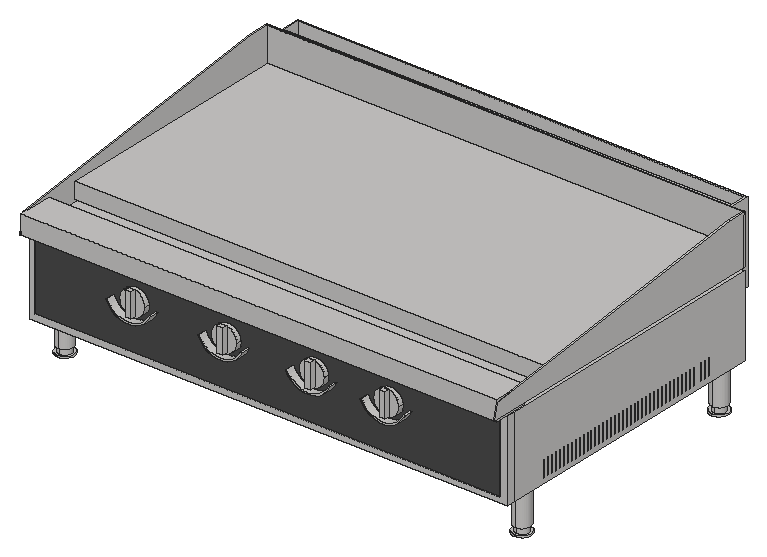
Revit family "QF_Vollrath_948GGM", category Specialty Equipment, Revit 2016
Family settings
  Part Type = Normal
  Round Connector Dimension = Use Diameter
  OmniClass Number = 23.40.40.14.17.21
  OmniClass Title = Grills
  Work Plane-Based = No
  Always vertical = Yes
  Cut with Voids When Loaded = No
  Shared = No
  Room Calculation Point = No
Parameters (values of type "948GGM")
  Width = 48.00"
  Weight in Pounds = 600
  Watermarked By = "http://revitwatermark.com"
  URL Cutsheet = ""
  URL = ""
  Status [instance] = ""
  Specification by User [instance] = ""
  Specification by Manufacturer [instance] = ""
  Serial Number [instance] = ""
  Seismic Rating [instance] = ""
  Revision Code [instance] = ""
  NAFEM Spec ID Number [instance] = ""
  Model = "948GGM"
  Mechanical Remarks [instance] = ""
  Mechanical Connection Type [instance] = ""
  Masterspec [instance] = ""
  Manufacturer = "Vollrath"
  Length = 31.00"
  Item Number [instance] = "-"
  Installed By [instance] = ""
  Height AFF [instance] = 36.00"
  Gas Size = 3/4"
  Gas RI Height [instance] = 0.00"
  Gas Input = 120000.0 Btu/h
  Gas Connection Height [instance] = Height AFF + 5.375"  # 41.375"
  Furnished By [instance] = ""
  Foodservice Equipment Identifier [instance] = yes
  Description = "Heavy-Duty Flat Top Gas Griddle"
  CSI MasterFormat = "11 44 00"
  Assembly Code = "E1090320"
Reference planes (in)
  plane 1: z = 0
  plane 2 "BOTTOM": z = 36
  plane 3 "LEFT CLEARANCE": x = -30.72076
  plane 4 "RIGHT CLEARANCE": x = 29.27924
  plane 5 "BACK CLEARANCE": y = 6
  plane 6 "Top of Legs": z = 40
  plane 7 "LEFT": x = -24.72076
  plane 8 "RIGHT": x = 23.27924
  plane 9 "BACK": y = 0
  plane 10: z = 39.75
  plane 11: z = 39.5
  plane 12: z = 41.5
  plane 13: y = -0.125
  plane 14: x = -24.59576
  plane 15 "Grease Trap": z = 48.38
  plane 16 "TOP": z = 53.38
  plane 17: y = -54.1
  plane 18: z = 37.04079
  plane 19: y = 1.5
  plane 20: z = 45.25
  plane 21: z = 45.4229
  plane 22: z = 50.005
  plane 23 "FRONT": y = -33
  plane 24: y = -29.62
  plane 25: y = -26.37
  plane 26: x = 23.15424
  plane 27: x = 22.53171
  plane 28: x = -0.72076
  plane 29: x = 21.9365
  plane 30: x = -0.72076
  plane 31: x = -12.72076
  plane 32: x = -6.22076
Forms (in)
  Extrusion 1, solid, material "QF_Finishes_Stainless Steel"
    sketch origin (0, -2, 36) x (0, 1, 0) y (-1, 0, 0)
      loop
        circle (-2, 23.59576) r 0.9375
    from 0 to 0.125
  Extrusion 2, solid, material "QF_Finishes_Stainless Steel"
    sketch origin (0, -2, 36) x (0, 1, 0) y (-1, 0, 0)
      loop
        circle (-2, 23.59576) r 0.625
    from 0.125 to 0.75
  Extrusion 3, solid, material "QF_Finishes_Stainless Steel"
    sketch origin (0, -2, 36) x (0, 1, 0) y (-1, 0, 0)
      loop
        circle (-2, 23.59576) r 0.8125
    from 0.75 to 4
  Extrusion 4, solid, material "QF_Finishes_Stainless Steel"
    sketch origin (33.375, -2, 36) x (0, 1, 0) y (-1, 0, 0)
      loop
        circle (-2, 11.09576) r 0.9375
    from 0 to 0.125
  Extrusion 5, solid, material "QF_Finishes_Stainless Steel"
    sketch origin (33.375, -2, 36) x (0, 1, 0) y (-1, 0, 0)
      loop
        circle (-2, 11.09576) r 0.625
    from 0.125 to 0.75
  Extrusion 6, solid, material "QF_Finishes_Stainless Steel"
    sketch origin (33.375, -2, 36) x (0, 1, 0) y (-1, 0, 0)
      loop
        circle (-2, 11.09576) r 0.8125
    from 0.75 to 4
  Extrusion 7, solid, material "QF_Finishes_Stainless Steel"
    sketch origin (33.375, -27.75, 36) x (0, 1, 0) y (-1, 0, 0)
      loop
        circle (-1, 11.09576) r 0.9375
    from 0 to 0.125
  Extrusion 8, solid, material "QF_Finishes_Stainless Steel"
    sketch origin (33.375, -27.75, 36) x (0, 1, 0) y (-1, 0, 0)
      loop
        circle (-1, 11.09576) r 0.625
    from 0.125 to 0.75
  Extrusion 9, solid, material "QF_Finishes_Stainless Steel"
    sketch origin (33.375, -27.75, 36) x (0, 1, 0) y (-1, 0, 0)
      loop
        circle (-1, 11.09576) r 0.8125
    from 0.75 to 4
  Extrusion 10, solid, material "QF_Finishes_Stainless Steel"
    sketch origin (0, -27.75, 36) x (0, 1, 0) y (-1, 0, 0)
      loop
        circle (-1, 23.59576) r 0.9375
    from 0 to 0.125
  Extrusion 11, solid, material "QF_Finishes_Stainless Steel"
    sketch origin (0, -27.75, 36) x (0, 1, 0) y (-1, 0, 0)
      loop
        circle (-1, 23.59576) r 0.625
    from 0.125 to 0.75
  Extrusion 12, solid, material "QF_Finishes_Stainless Steel"
    sketch origin (0, -27.75, 36) x (0, 1, 0) y (-1, 0, 0)
      loop
        circle (-1, 23.59576) r 0.8125
    from 0.75 to 4
  Extrusion 13, solid, material "QF_Finishes_Stainless Steel"
    sketch origin (0, -2, 36) x (0, 1, 0) y (-1, 0, 0)
      loop
        line (0, 24.72076) -> (-29.04599, 24.72076) -> (-29.04599, -23.27924) -> (0, -23.27924) -> (0, 24.72076)
    from 4 to 12.06
  Extrusion 14, solid, material "QF_Finishes_Black"
    sketch origin (0, -2, 0) x (1, 0, 0) y (0, 0, 1)
      loop
        line (-21.72076, 40) -> (-21.72076, 39.75) -> (-13.63034, 39.75) -> (-13.63034, 40) -> (-21.72076, 40)
    from 20.18353 to 29.04599
  Extrusion 15, solid, material "QF_Finishes_Clearances", detail levels coarse
    sketch origin (0, 0, 36) x (0, 1, 0) y (-1, 0, 0)
      loop
        line (6, 30.72076) -> (-33, 30.72076) -> (-33, 24.72076) -> (6, 24.72076) -> (6, 30.72076)
    from 0 to 17.38
  Extrusion 16, solid, material "QF_Finishes_Clearances", detail levels coarse
    sketch origin (0, 0, 36) x (0, 1, 0) y (-1, 0, 0)
      loop
        line (6, -23.27924) -> (-33, -23.27924) -> (-33, -29.27924) -> (6, -29.27924) -> (6, -23.27924)
    from 0 to 17.38
  Extrusion 17, solid, material "QF_Finishes_Clearances", detail levels coarse
    sketch origin (0, 0, 36) x (0, 1, 0) y (-1, 0, 0)
      loop
        line (6, 24.72076) -> (0, 24.72076) -> (0, -23.27924) -> (6, -23.27924) -> (6, 24.72076)
    from 0 to 17.38
  Extrusion 18, solid, material "QF_Finishes_Stainless Steel"
    sketch origin (3.31103, -2, 0) x (1, 0, 0) y (0, 0, 1)
      loop
        circle (2.46821, 41.5) r 0.375
    from -1.5 to 0
  Extrusion 19, solid, material "QF_Finishes_Stainless Steel"
    sketch origin (-36.59576, -2, 0) x (0, 1, 0) y (0, 0, 1)
      loop
        line (-30.61071, 49.92402) -> (-31.00644, 48.06) -> (0, 48.06) -> (0, 53.38) -> (-2.02013, 53.38) -> (-30.61071, 49.92402)
    from 11.875 to 12
  Extrusion 20, solid, material "QF_Finishes_Stainless Steel"
    sketch origin (-24.72076, -2, 0) x (0, 1, 0) y (0, 0, 1)
      loop
        line (-27.62, 48.06) -> (-27.62, 50.005) -> (-31, 50.005) -> (-31, 48.06) -> (-27.62, 48.06)
    from 0.125 to 47.875
  Extrusion 21, solid, material "QF_Finishes_Stainless Steel"
    sketch origin (0, -2, 10) x (1, 0, 0) y (0, 0, 1)
      loop
        line (-24.72076, 38.06) -> (-24.72076, 30) -> (23.27924, 30) -> (23.27924, 38.06) -> (-24.72076, 38.06)
      loop
        line (-24.21829, 37.52818) -> (-24.21829, 30.59949) -> (22.53171, 30.59949) -> (22.53171, 37.52818) -> (-24.21829, 37.52818)
    from 29.04599 to 29.79599
  Extrusion 22, solid, material "QF_Finishes_Stainless Steel"
    sketch origin (-12.72076, -2, 0) x (0, 1, 0) y (0, 0, 1)
      loop
        line (-31.04007, 49.84867) -> (-31.41648, 48.38) -> (0, 48.38) -> (0, 53.38) -> (-1.85356, 53.38) -> (-31.04007, 49.84867)
    from 35.875 to 36
  Extrusion 23, solid, material "QF_Finishes_Stainless Steel"
    sketch origin (-24.72076, -2, 0) x (0, 1, 0) y (0, 0, 1)
      loop
        line (-0.125, 53.38) -> (-0.125, 48.38) -> (0, 48.38) -> (0, 53.38) -> (-0.125, 53.38)
    from 0 to 48
  Extrusion 24, solid, material "QF_Finishes_Black"
    sketch origin (0, -2, 10) x (1, 0, 0) y (0, 0, 1)
      loop
        line (-24.21829, 37.52818) -> (-24.21829, 30.59949) -> (22.53171, 30.59949) -> (22.53171, 37.52818) -> (-24.21829, 37.52818)
      loop
        circle (-4.79502, 35.36228) r 1.25
      loop
        circle (11.45498, 35.36228) r 1.25
      loop
        circle (3.96164, 35.36228) r 1.25
      loop
        circle (-14.04502, 35.36228) r 1.25
    from 29.04599 to 29.79599
  Extrusion 25, void
    sketch origin (-24.72076, -2, 0) x (0, 1, 0) y (0, 0, 1)
      loop
        line (-25.39258, 42.24738) -> (-25.39258, 40.49738) -> (-25.14258, 40.49738) -> (-25.14258, 42.24738) -> (-25.39258, 42.24738)
      loop
        line (-24.89258, 42.24738) -> (-24.89258, 40.49738) -> (-24.64258, 40.49738) -> (-24.64258, 42.24738) -> (-24.89258, 42.24738)
      loop
        line (-24.39258, 42.24738) -> (-24.39258, 40.49738) -> (-24.14258, 40.49738) -> (-24.14258, 42.24738) -> (-24.39258, 42.24738)
      loop
        line (-23.89258, 42.24738) -> (-23.89258, 40.49738) -> (-23.64258, 40.49738) -> (-23.64258, 42.24738) -> (-23.89258, 42.24738)
      loop
        line (-23.39258, 42.24738) -> (-23.39258, 40.49738) -> (-23.14258, 40.49738) -> (-23.14258, 42.24738) -> (-23.39258, 42.24738)
      loop
        line (-22.89258, 42.24738) -> (-22.89258, 40.49738) -> (-22.64258, 40.49738) -> (-22.64258, 42.24738) -> (-22.89258, 42.24738)
      loop
        line (-22.43353, 42.24738) -> (-22.43353, 40.49738) -> (-22.18353, 40.49738) -> (-22.18353, 42.24738) -> (-22.43353, 42.24738)
      loop
        line (-21.93353, 42.24738) -> (-21.93353, 40.49738) -> (-21.68353, 40.49738) -> (-21.68353, 42.24738) -> (-21.93353, 42.24738)
      loop
        line (-21.43353, 42.24738) -> (-21.43353, 40.49738) -> (-21.18353, 40.49738) -> (-21.18353, 42.24738) -> (-21.43353, 42.24738)
      loop
        line (-20.93353, 42.24738) -> (-20.93353, 40.49738) -> (-20.68353, 40.49738) -> (-20.68353, 42.24738) -> (-20.93353, 42.24738)
      loop
        line (-20.43353, 42.24738) -> (-20.43353, 40.49738) -> (-20.18353, 40.49738) -> (-20.18353, 42.24738) -> (-20.43353, 42.24738)
      loop
        line (-19.93353, 42.24738) -> (-19.93353, 40.49738) -> (-19.68353, 40.49738) -> (-19.68353, 42.24738) -> (-19.93353, 42.24738)
      loop
        line (-19.47447, 42.24738) -> (-19.47447, 40.49738) -> (-19.22447, 40.49738) -> (-19.22447, 42.24738) -> (-19.47447, 42.24738)
      loop
        line (-18.97447, 42.24738) -> (-18.97447, 40.49738) -> (-18.72447, 40.49738) -> (-18.72447, 42.24738) -> (-18.97447, 42.24738)
      loop
        line (-18.47447, 42.24738) -> (-18.47447, 40.49738) -> (-18.22447, 40.49738) -> (-18.22447, 42.24738) -> (-18.47447, 42.24738)
      loop
        line (-17.97447, 42.24738) -> (-17.97447, 40.49738) -> (-17.72447, 40.49738) -> (-17.72447, 42.24738) -> (-17.97447, 42.24738)
      loop
        line (-17.47447, 42.24738) -> (-17.47447, 40.49738) -> (-17.22447, 40.49738) -> (-17.22447, 42.24738) -> (-17.47447, 42.24738)
      loop
        line (-16.97447, 42.24738) -> (-16.97447, 40.49738) -> (-16.72447, 40.49738) -> (-16.72447, 42.24738) -> (-16.97447, 42.24738)
      loop
        line (-16.51542, 42.24738) -> (-16.51542, 40.49738) -> (-16.26542, 40.49738) -> (-16.26542, 42.24738) -> (-16.51542, 42.24738)
      loop
        line (-16.01542, 42.24738) -> (-16.01542, 40.49738) -> (-15.76542, 40.49738) -> (-15.76542, 42.24738) -> (-16.01542, 42.24738)
      loop
        line (-15.51542, 42.24738) -> (-15.51542, 40.49738) -> (-15.26542, 40.49738) -> (-15.26542, 42.24738) -> (-15.51542, 42.24738)
      loop
        line (-15.01542, 42.24738) -> (-15.01542, 40.49738) -> (-14.76542, 40.49738) -> (-14.76542, 42.24738) -> (-15.01542, 42.24738)
      loop
        line (-14.51542, 42.24738) -> (-14.51542, 40.49738) -> (-14.26542, 40.49738) -> (-14.26542, 42.24738) -> (-14.51542, 42.24738)
      loop
        line (-14.01542, 42.24738) -> (-14.01542, 40.49738) -> (-13.76542, 40.49738) -> (-13.76542, 42.24738) -> (-14.01542, 42.24738)
      loop
        line (-13.55636, 42.24738) -> (-13.55636, 40.49738) -> (-13.30636, 40.49738) -> (-13.30636, 42.24738) -> (-13.55636, 42.24738)
      loop
        line (-13.05636, 42.24738) -> (-13.05636, 40.49738) -> (-12.80636, 40.49738) -> (-12.80636, 42.24738) -> (-13.05636, 42.24738)
      loop
        line (-12.55636, 42.24738) -> (-12.55636, 40.49738) -> (-12.30636, 40.49738) -> (-12.30636, 42.24738) -> (-12.55636, 42.24738)
      loop
        line (-12.05636, 42.24738) -> (-12.05636, 40.49738) -> (-11.80636, 40.49738) -> (-11.80636, 42.24738) -> (-12.05636, 42.24738)
      loop
        line (-11.55636, 42.24738) -> (-11.55636, 40.49738) -> (-11.30636, 40.49738) -> (-11.30636, 42.24738) -> (-11.55636, 42.24738)
      loop
        line (-11.05636, 42.24738) -> (-11.05636, 40.49738) -> (-10.80636, 40.49738) -> (-10.80636, 42.24738) -> (-11.05636, 42.24738)
      loop
        line (-10.59731, 42.24738) -> (-10.59731, 40.49738) -> (-10.34731, 40.49738) -> (-10.34731, 42.24738) -> (-10.59731, 42.24738)
      loop
        line (-10.09731, 42.24738) -> (-10.09731, 40.49738) -> (-9.84731, 40.49738) -> (-9.84731, 42.24738) -> (-10.09731, 42.24738)
      loop
        line (-9.59731, 42.24738) -> (-9.59731, 40.49738) -> (-9.34731, 40.49738) -> (-9.34731, 42.24738) -> (-9.59731, 42.24738)
      loop
        line (-9.09731, 42.24738) -> (-9.09731, 40.49738) -> (-8.84731, 40.49738) -> (-8.84731, 42.24738) -> (-9.09731, 42.24738)
      loop
        line (-8.63825, 42.24738) -> (-8.63825, 40.49738) -> (-8.38825, 40.49738) -> (-8.38825, 42.24738) -> (-8.63825, 42.24738)
      loop
        line (-8.13825, 42.24738) -> (-8.13825, 40.49738) -> (-7.88825, 40.49738) -> (-7.88825, 42.24738) -> (-8.13825, 42.24738)
      loop
        line (-7.63825, 42.24738) -> (-7.63825, 40.49738) -> (-7.38825, 40.49738) -> (-7.38825, 42.24738) -> (-7.63825, 42.24738)
      loop
        line (-7.13825, 42.24738) -> (-7.13825, 40.49738) -> (-6.88825, 40.49738) -> (-6.88825, 42.24738) -> (-7.13825, 42.24738)
      loop
        line (-6.63825, 42.24738) -> (-6.63825, 40.49738) -> (-6.38825, 40.49738) -> (-6.38825, 42.24738) -> (-6.63825, 42.24738)
      loop
        line (-6.13825, 42.24738) -> (-6.13825, 40.49738) -> (-5.88825, 40.49738) -> (-5.88825, 42.24738) -> (-6.13825, 42.24738)
      loop
        line (-5.63825, 42.24738) -> (-5.63825, 40.49738) -> (-5.38825, 40.49738) -> (-5.38825, 42.24738) -> (-5.63825, 42.24738)
      loop
        line (-5.13825, 42.24738) -> (-5.13825, 40.49738) -> (-4.88825, 40.49738) -> (-4.88825, 42.24738) -> (-5.13825, 42.24738)
      loop
        line (-4.63825, 42.24738) -> (-4.63825, 40.49738) -> (-4.38825, 40.49738) -> (-4.38825, 42.24738) -> (-4.63825, 42.24738)
    from 47.25247 to 48
  Extrusion 26, void
    sketch origin (-48.47076, -2, 0) x (0, 1, 0) y (0, 0, 1)
      loop
        line (-25.39258, 42.24738) -> (-25.39258, 40.49738) -> (-25.14258, 40.49738) -> (-25.14258, 42.24738) -> (-25.39258, 42.24738)
      loop
        line (-24.89258, 42.24738) -> (-24.89258, 40.49738) -> (-24.64258, 40.49738) -> (-24.64258, 42.24738) -> (-24.89258, 42.24738)
      loop
        line (-24.39258, 42.24738) -> (-24.39258, 40.49738) -> (-24.14258, 40.49738) -> (-24.14258, 42.24738) -> (-24.39258, 42.24738)
      loop
        line (-23.89258, 42.24738) -> (-23.89258, 40.49738) -> (-23.64258, 40.49738) -> (-23.64258, 42.24738) -> (-23.89258, 42.24738)
      loop
        line (-23.39258, 42.24738) -> (-23.39258, 40.49738) -> (-23.14258, 40.49738) -> (-23.14258, 42.24738) -> (-23.39258, 42.24738)
      loop
        line (-22.89258, 42.24738) -> (-22.89258, 40.49738) -> (-22.64258, 40.49738) -> (-22.64258, 42.24738) -> (-22.89258, 42.24738)
      loop
        line (-22.43353, 42.24738) -> (-22.43353, 40.49738) -> (-22.18353, 40.49738) -> (-22.18353, 42.24738) -> (-22.43353, 42.24738)
      loop
        line (-21.93353, 42.24738) -> (-21.93353, 40.49738) -> (-21.68353, 40.49738) -> (-21.68353, 42.24738) -> (-21.93353, 42.24738)
      loop
        line (-21.43353, 42.24738) -> (-21.43353, 40.49738) -> (-21.18353, 40.49738) -> (-21.18353, 42.24738) -> (-21.43353, 42.24738)
      loop
        line (-20.93353, 42.24738) -> (-20.93353, 40.49738) -> (-20.68353, 40.49738) -> (-20.68353, 42.24738) -> (-20.93353, 42.24738)
      loop
        line (-20.43353, 42.24738) -> (-20.43353, 40.49738) -> (-20.18353, 40.49738) -> (-20.18353, 42.24738) -> (-20.43353, 42.24738)
      loop
        line (-19.93353, 42.24738) -> (-19.93353, 40.49738) -> (-19.68353, 40.49738) -> (-19.68353, 42.24738) -> (-19.93353, 42.24738)
      loop
        line (-19.47447, 42.24738) -> (-19.47447, 40.49738) -> (-19.22447, 40.49738) -> (-19.22447, 42.24738) -> (-19.47447, 42.24738)
      loop
        line (-18.97447, 42.24738) -> (-18.97447, 40.49738) -> (-18.72447, 40.49738) -> (-18.72447, 42.24738) -> (-18.97447, 42.24738)
      loop
        line (-18.47447, 42.24738) -> (-18.47447, 40.49738) -> (-18.22447, 40.49738) -> (-18.22447, 42.24738) -> (-18.47447, 42.24738)
      loop
        line (-17.97447, 42.24738) -> (-17.97447, 40.49738) -> (-17.72447, 40.49738) -> (-17.72447, 42.24738) -> (-17.97447, 42.24738)
      loop
        line (-17.47447, 42.24738) -> (-17.47447, 40.49738) -> (-17.22447, 40.49738) -> (-17.22447, 42.24738) -> (-17.47447, 42.24738)
      loop
        line (-16.97447, 42.24738) -> (-16.97447, 40.49738) -> (-16.72447, 40.49738) -> (-16.72447, 42.24738) -> (-16.97447, 42.24738)
      loop
        line (-16.51542, 42.24738) -> (-16.51542, 40.49738) -> (-16.26542, 40.49738) -> (-16.26542, 42.24738) -> (-16.51542, 42.24738)
      loop
        line (-16.01542, 42.24738) -> (-16.01542, 40.49738) -> (-15.76542, 40.49738) -> (-15.76542, 42.24738) -> (-16.01542, 42.24738)
      loop
        line (-15.51542, 42.24738) -> (-15.51542, 40.49738) -> (-15.26542, 40.49738) -> (-15.26542, 42.24738) -> (-15.51542, 42.24738)
      loop
        line (-15.01542, 42.24738) -> (-15.01542, 40.49738) -> (-14.76542, 40.49738) -> (-14.76542, 42.24738) -> (-15.01542, 42.24738)
      loop
        line (-14.51542, 42.24738) -> (-14.51542, 40.49738) -> (-14.26542, 40.49738) -> (-14.26542, 42.24738) -> (-14.51542, 42.24738)
      loop
        line (-14.01542, 42.24738) -> (-14.01542, 40.49738) -> (-13.76542, 40.49738) -> (-13.76542, 42.24738) -> (-14.01542, 42.24738)
      loop
        line (-13.55636, 42.24738) -> (-13.55636, 40.49738) -> (-13.30636, 40.49738) -> (-13.30636, 42.24738) -> (-13.55636, 42.24738)
      loop
        line (-13.05636, 42.24738) -> (-13.05636, 40.49738) -> (-12.80636, 40.49738) -> (-12.80636, 42.24738) -> (-13.05636, 42.24738)
      loop
        line (-12.55636, 42.24738) -> (-12.55636, 40.49738) -> (-12.30636, 40.49738) -> (-12.30636, 42.24738) -> (-12.55636, 42.24738)
      loop
        line (-12.05636, 42.24738) -> (-12.05636, 40.49738) -> (-11.80636, 40.49738) -> (-11.80636, 42.24738) -> (-12.05636, 42.24738)
      loop
        line (-11.55636, 42.24738) -> (-11.55636, 40.49738) -> (-11.30636, 40.49738) -> (-11.30636, 42.24738) -> (-11.55636, 42.24738)
      loop
        line (-11.05636, 42.24738) -> (-11.05636, 40.49738) -> (-10.80636, 40.49738) -> (-10.80636, 42.24738) -> (-11.05636, 42.24738)
      loop
        line (-10.59731, 42.24738) -> (-10.59731, 40.49738) -> (-10.34731, 40.49738) -> (-10.34731, 42.24738) -> (-10.59731, 42.24738)
      loop
        line (-10.13825, 42.24738) -> (-10.13825, 40.49738) -> (-9.88825, 40.49738) -> (-9.88825, 42.24738) -> (-10.13825, 42.24738)
      loop
        line (-9.63825, 42.24738) -> (-9.63825, 40.49738) -> (-9.38825, 40.49738) -> (-9.38825, 42.24738) -> (-9.63825, 42.24738)
      loop
        line (-9.13825, 42.24738) -> (-9.13825, 40.49738) -> (-8.88825, 40.49738) -> (-8.88825, 42.24738) -> (-9.13825, 42.24738)
      loop
        line (-8.63825, 42.24738) -> (-8.63825, 40.49738) -> (-8.38825, 40.49738) -> (-8.38825, 42.24738) -> (-8.63825, 42.24738)
      loop
        line (-8.13825, 42.24738) -> (-8.13825, 40.49738) -> (-7.88825, 40.49738) -> (-7.88825, 42.24738) -> (-8.13825, 42.24738)
      loop
        line (-7.63825, 42.24738) -> (-7.63825, 40.49738) -> (-7.38825, 40.49738) -> (-7.38825, 42.24738) -> (-7.63825, 42.24738)
      loop
        line (-7.1792, 42.24738) -> (-7.1792, 40.49738) -> (-6.9292, 40.49738) -> (-6.9292, 42.24738) -> (-7.1792, 42.24738)
      loop
        line (-6.6792, 42.24738) -> (-6.6792, 40.49738) -> (-6.4292, 40.49738) -> (-6.4292, 42.24738) -> (-6.6792, 42.24738)
      loop
        line (-6.1792, 42.24738) -> (-6.1792, 40.49738) -> (-5.9292, 40.49738) -> (-5.9292, 42.24738) -> (-6.1792, 42.24738)
      loop
        line (-5.6792, 42.24738) -> (-5.6792, 40.49738) -> (-5.4292, 40.49738) -> (-5.4292, 42.24738) -> (-5.6792, 42.24738)
      loop
        line (-5.1792, 42.24738) -> (-5.1792, 40.49738) -> (-4.9292, 40.49738) -> (-4.9292, 42.24738) -> (-5.1792, 42.24738)
      loop
        line (-4.6792, 42.24738) -> (-4.6792, 40.49738) -> (-4.4292, 40.49738) -> (-4.4292, 42.24738) -> (-4.6792, 42.24738)
    from 23.67052 to 24
  Extrusion 27, solid, material "QF_Finishes_Stainless Steel"
    sketch origin (17, -6, 0) x (1, 0, 0) y (0, 0, 1)
      loop
        circle (-21.79502, 45.36228) r 1.25
    from 25.04599 to 26.25
  Extrusion 28, solid, material "QF_Finishes_Stainless Steel"
    sketch origin (17, -6, 0.03961) x (1, 0, 0) y (0, 0, 1)
      loop
        line (-22.10719, 46.57267) -> (-22.10719, 44.14715) -> (-21.55452, 44.14715) -> (-21.55452, 46.57267) -> (-22.10719, 46.57267)
    from 26.25 to 26.75
  Extrusion 29, solid, material "QF_Finishes_Stainless Steel"
    sketch origin (25.79249, -6, 0) x (1, 0, 0) y (0, 0, 1)
      loop
        circle (-21.79502, 45.36228) r 1.25
    from 25.04599 to 26.25
  Extrusion 30, solid, material "QF_Finishes_Stainless Steel"
    sketch origin (25.79249, -6, 0.03961) x (1, 0, 0) y (0, 0, 1)
      loop
        line (-22.10719, 46.57267) -> (-22.10719, 44.14715) -> (-21.55452, 44.14715) -> (-21.55452, 46.57267) -> (-22.10719, 46.57267)
    from 26.25 to 26.75
  Extrusion 31, solid, material "QF_Finishes_Stainless Steel", not visible
    sketch origin (0, 0, 0.25) x (1, 0, 0) y (0, 0, 1)
      loop
        circle (-24.02485, 46.05421) r 0.25
    from 0.125 to 25.04599
  Extrusion 32, solid, material "QF_Finishes_Stainless Steel", not visible
    sketch origin (0.8089, 0, 0.25) x (1, 0, 0) y (0, 0, 1)
      loop
        circle (-24.02485, 46.05421) r 0.25
    from 0.125 to 25.04599
  Extrusion 33, solid, material "QF_Finishes_Stainless Steel", not visible
    sketch origin (1.62977, 0, 0.25) x (1, 0, 0) y (0, 0, 1)
      loop
        circle (-24.02485, 46.05421) r 0.25
    from 0.24473 to 25.25
  Extrusion 34, solid, material "QF_Finishes_Stainless Steel", not visible
    sketch origin (2.43868, 0, 0.25) x (1, 0, 0) y (0, 0, 1)
      loop
        circle (-24.02485, 46.05421) r 0.25
    from 0.24473 to 25.04599
  Extrusion 35, solid, material "QF_Finishes_Stainless Steel", not visible
    sketch origin (3.25954, 0, 0.25) x (1, 0, 0) y (0, 0, 1)
      loop
        circle (-24.02485, 46.05421) r 0.25
    from 0.24473 to 25.04599
  Extrusion 36, solid, material "QF_Finishes_Stainless Steel", not visible
    sketch origin (4.06845, 0, 0.25) x (1, 0, 0) y (0, 0, 1)
      loop
        circle (-24.02485, 46.05421) r 0.25
    from 0.125 to 25.75
  Extrusion 37, solid, material "QF_Finishes_Stainless Steel", not visible
    sketch origin (4.88932, 0, 0.25) x (1, 0, 0) y (0, 0, 1)
      loop
        circle (-24.02485, 46.05421) r 0.25
    from 0.125 to 25.04599
  Extrusion 38, solid, material "QF_Finishes_Stainless Steel", not visible
    sketch origin (5.69822, 0, 0.25) x (1, 0, 0) y (0, 0, 1)
      loop
        circle (-24.02485, 46.05421) r 0.25
    from 0.125 to 25.75
  Extrusion 39, solid, material "QF_Finishes_Stainless Steel", not visible
    sketch origin (6.51909, 0, 0.25) x (1, 0, 0) y (0, 0, 1)
      loop
        circle (-24.02485, 46.05421) r 0.25
    from 0.125 to 25.04599
  Extrusion 40, solid, material "QF_Finishes_Stainless Steel", not visible
    sketch origin (7.32799, 0, 0.25) x (1, 0, 0) y (0, 0, 1)
      loop
        circle (-24.02485, 46.05421) r 0.25
    from 0 to 25.04599
  Extrusion 41, solid, material "QF_Finishes_Stainless Steel", not visible
    sketch origin (8.14886, 0, 0.25) x (1, 0, 0) y (0, 0, 1)
      loop
        circle (-24.02485, 46.05421) r 0.25
    from 0 to 25.04599
  Extrusion 42, solid, material "QF_Finishes_Stainless Steel", not visible
    sketch origin (8.95777, 0, 0.25) x (1, 0, 0) y (0, 0, 1)
      loop
        circle (-24.02485, 46.05421) r 0.25
    from 0 to 25.04599
  Extrusion 43, solid, material "QF_Finishes_Stainless Steel", not visible
    sketch origin (9.76477, 0, 0.25) x (1, 0, 0) y (0, 0, 1)
      loop
        circle (-24.02485, 46.05421) r 0.25
    from 0 to 25.04599
  Extrusion 44, solid, material "QF_Finishes_Stainless Steel", not visible
    sketch origin (10.57367, 0, 0.25) x (1, 0, 0) y (0, 0, 1)
      loop
        circle (-24.02485, 46.05421) r 0.25
    from 0 to 25.04599
  Extrusion 45, solid, material "QF_Finishes_Stainless Steel", not visible
    sketch origin (11.39454, 0, 0.25) x (1, 0, 0) y (0, 0, 1)
      loop
        circle (-24.02485, 46.05421) r 0.25
    from 0 to 25.04599
  Extrusion 46, solid, material "QF_Finishes_Stainless Steel", not visible
    sketch origin (12.26638, 0, 0.25) x (1, 0, 0) y (0, 0, 1)
      loop
        circle (-24.02485, 46.05421) r 0.25
    from 0 to 25.04599
  Extrusion 47, solid, material "QF_Finishes_Stainless Steel", not visible
    sketch origin (13.08724, 0, 0.25) x (1, 0, 0) y (0, 0, 1)
      loop
        circle (-24.02485, 46.05421) r 0.25
    from 0 to 25.04599
  Extrusion 48, solid, material "QF_Finishes_Stainless Steel", not visible
    sketch origin (13.89615, 0, 0.25) x (1, 0, 0) y (0, 0, 1)
      loop
        circle (-24.02485, 46.05421) r 0.25
    from 0 to 25.04599
  Extrusion 49, solid, material "QF_Finishes_Stainless Steel", not visible
    sketch origin (15.40006, 0, 0.25) x (1, 0, 0) y (0, 0, 1)
      loop
        circle (-30.52485, 46.05421) r 0.25
    from 0 to 25.04599
  Extrusion 50, solid, material "QF_Finishes_Stainless Steel", not visible
    sketch origin (16.22092, 0, 0.25) x (1, 0, 0) y (0, 0, 1)
      loop
        circle (-30.52485, 46.05421) r 0.25
    from 0 to 25.25
  Extrusion 51, solid, material "QF_Finishes_Stainless Steel", not visible
    sketch origin (17.09276, 0, 0.25) x (1, 0, 0) y (0, 0, 1)
      loop
        circle (-30.52485, 46.05421) r 0.25
    from 0 to 25.04599
  Extrusion 52, solid, material "QF_Finishes_Stainless Steel", not visible
    sketch origin (17.91363, 0, 0.25) x (1, 0, 0) y (0, 0, 1)
      loop
        circle (-30.52485, 46.05421) r 0.25
    from 0 to 25.04599
  Extrusion 53, solid, material "QF_Finishes_Stainless Steel", not visible
    sketch origin (18.72253, 0, 0.25) x (1, 0, 0) y (0, 0, 1)
      loop
        circle (-30.52485, 46.05421) r 0.25
    from 0 to 25.04599
  Extrusion 54, solid, material "QF_Finishes_Stainless Steel", not visible
    sketch origin (19.5434, 0, 0.25) x (1, 0, 0) y (0, 0, 1)
      loop
        circle (-30.52485, 46.05421) r 0.25
    from 0 to 25.04599
  Extrusion 55, solid, material "QF_Finishes_Stainless Steel", not visible
    sketch origin (20.3523, 0, 0.25) x (1, 0, 0) y (0, 0, 1)
      loop
        circle (-30.52485, 46.05421) r 0.25
    from 0 to 25.04599
  Extrusion 56, solid, material "QF_Finishes_Stainless Steel", not visible
    sketch origin (21.17317, 0, 0.25) x (1, 0, 0) y (0, 0, 1)
      loop
        circle (-30.52485, 46.05421) r 0.25
    from 0 to 25.04599
  Extrusion 57, solid, material "QF_Finishes_Stainless Steel", not visible
    sketch origin (21.98208, 0, 0.25) x (1, 0, 0) y (0, 0, 1)
      loop
        circle (-30.52485, 46.05421) r 0.25
    from 0 to 25.04599
  Extrusion 58, solid, material "QF_Finishes_Stainless Steel", not visible
    sketch origin (22.80294, 0, 0.25) x (1, 0, 0) y (0, 0, 1)
      loop
        circle (-30.52485, 46.05421) r 0.25
    from 0 to 25.25
  Extrusion 59, solid, material "QF_Finishes_Stainless Steel", not visible
    sketch origin (23.61185, 0, 0.25) x (1, 0, 0) y (0, 0, 1)
      loop
        circle (-30.52485, 46.05421) r 0.25
    from 0 to 25.04599
  Extrusion 60, solid, material "QF_Finishes_Stainless Steel", not visible
    sketch origin (24.43272, 0, 0.25) x (1, 0, 0) y (0, 0, 1)
      loop
        circle (-30.52485, 46.05421) r 0.25
    from 0 to 25.04599
  Extrusion 61, solid, material "QF_Finishes_Stainless Steel", not visible
    sketch origin (25.24162, 0, 0.25) x (1, 0, 0) y (0, 0, 1)
      loop
        circle (-30.52485, 46.05421) r 0.25
    from 0 to 25.75
  Extrusion 62, solid, material "QF_Finishes_Stainless Steel", not visible
    sketch origin (26.06249, 0, 0.25) x (1, 0, 0) y (0, 0, 1)
      loop
        circle (-30.52485, 46.05421) r 0.25
    from 0 to 25.04599
  Extrusion 63, solid, material "QF_Finishes_Stainless Steel", not visible
    sketch origin (32.58158, 0, 0.25) x (1, 0, 0) y (0, 0, 1)
      loop
        circle (-36.02485, 46.05421) r 0.25
    from 0 to 25.04599
  Extrusion 64, solid, material "QF_Finishes_Stainless Steel", not visible
    sketch origin (33.40244, 0, 0.25) x (1, 0, 0) y (0, 0, 1)
      loop
        circle (-36.02485, 46.05421) r 0.25
    from 0 to 25.04599
  Extrusion 65, solid, material "QF_Finishes_Stainless Steel", not visible
    sketch origin (34.21135, 0, 0.25) x (1, 0, 0) y (0, 0, 1)
      loop
        circle (-36.02485, 46.05421) r 0.25
    from 0 to 25.75
  Sweep 66, solid, material "QF_Finishes_Stainless Steel"
    path origin (15.25, -32.63083, 0) x (1, 0, 0) y (0, 0, 1)
      loop
        arc (-22.40972, 45.02818) -> (-20.15972, 43.59334) -> (-17.90972, 45.02818) r 2.48155
    profile origin (-4.90972, -32.63083, 43.59334) x (0, 0, 1) y (0, -1, 0)
      loop
        line (0, 0) -> (0, -0.83484) -> (0.14592, -0.83484) -> (0.14592, 0) -> (0, 0)
  Sweep 67, solid, material "QF_Finishes_Stainless Steel"
    path origin (24.04249, -32.63083, 0) x (1, 0, 0) y (0, 0, 1)
      loop
        arc (-22.40972, 45.02818) -> (-20.15972, 43.59334) -> (-17.90972, 45.02818) r 2.48155
    profile origin (3.88277, -32.63083, 43.59334) x (0, 0, 1) y (0, -1, 0)
      loop
        line (0, 0) -> (0, -0.83484) -> (0.14592, -0.83484) -> (0.14592, 0) -> (0, 0)
  Extrusion 68, solid, material "QF_Finishes_Stainless Steel"
    sketch origin (0, 0, 36) x (0, 1, 0) y (-1, 0, 0)
      loop
        line (0, 23.22076) -> (-2, 23.22076) -> (-2, -21.9365) -> (0, -21.9365) -> (0, 23.22076)
      loop
        line (-0.125, 23.09841) -> (-1.85689, 23.09841) -> (-1.85689, -21.77924) -> (-0.125, -21.77924) -> (-0.125, 23.09841)
    from 9.4229 to 17.38
  Extrusion 69, solid, material "QF_Finishes_Stainless Steel"
    sketch origin (0, 0, 36) x (0, 1, 0) y (-1, 0, 0)
      loop
        line (0, 23.22076) -> (-2, 23.22076) -> (-2, -21.9365) -> (0, -21.9365) -> (0, 23.22076)
    from 9.25 to 9.4229
  Extrusion 70, solid, material "QF_Finishes_Stainless Steel"
    sketch origin (-24.72076, 0, 0) x (0, 1, 0) y (0, 0, 1)
      loop
        line (-26.37, 50.005) -> (-26.37, 48.38) -> (-2.125, 48.38) -> (-2.125, 50.005) -> (-26.37, 50.005)
    from 0.125 to 47.875
  Extrusion 71, solid, material "QF_Finishes_Stainless Steel", not visible
    sketch origin (0.5, -6, 0) x (1, 0, 0) y (0, 0, 1)
      loop
        circle (-21.79502, 45.36228) r 1.25
    from 25.04599 to 26.25
  Extrusion 72, solid, material "QF_Finishes_Stainless Steel", not visible
    sketch origin (0.5, -6, 0.03961) x (1, 0, 0) y (0, 0, 1)
      loop
        line (-22.10719, 46.57267) -> (-22.10719, 44.14715) -> (-21.55452, 44.14715) -> (-21.55452, 46.57267) -> (-22.10719, 46.57267)
    from 26.25 to 26.75
  Extrusion 73, solid, material "QF_Finishes_Stainless Steel", not visible
    sketch origin (16.5, -6, 0) x (1, 0, 0) y (0, 0, 1)
      loop
        circle (-21.79502, 45.36228) r 1.25
    from 25.04599 to 26.25
  Extrusion 74, solid, material "QF_Finishes_Stainless Steel", not visible
    sketch origin (16.5, -6, 0.03961) x (1, 0, 0) y (0, 0, 1)
      loop
        line (-22.10719, 46.57267) -> (-22.10719, 44.14715) -> (-21.55452, 44.14715) -> (-21.55452, 46.57267) -> (-22.10719, 46.57267)
    from 26.25 to 26.75
  Sweep 75, solid, material "QF_Finishes_Stainless Steel", not visible
    path origin (-1.25, -32.63083, 0) x (1, 0, 0) y (0, 0, 1)
      loop
        arc (-22.40972, 45.02818) -> (-20.15972, 43.59334) -> (-17.90972, 45.02818) r 2.48155
    profile origin (-21.40972, -32.63083, 43.59334) x (0, 0, 1) y (0, -1, 0)
      loop
        line (0, 0) -> (0, -0.83484) -> (0.14592, -0.83484) -> (0.14592, 0) -> (0, 0)
  Sweep 76, solid, material "QF_Finishes_Stainless Steel", not visible
    path origin (14.75, -32.63083, 0) x (1, 0, 0) y (0, 0, 1)
      loop
        arc (-22.40972, 45.02818) -> (-20.15972, 43.59334) -> (-17.90972, 45.02818) r 2.48155
    profile origin (-5.40972, -32.63083, 43.59334) x (0, 0, 1) y (0, -1, 0)
      loop
        line (0, 0) -> (0, -0.83484) -> (0.14592, -0.83484) -> (0.14592, 0) -> (0, 0)
  Extrusion 77, solid, material "QF_Finishes_Black"
    sketch origin (-24.72076, 0, 0) x (0, 1, 0) y (0, 0, 1)
      loop
        line (-22.18353, 39.75) -> (-31.06225, 39.75) -> (-31.06225, 39.5) -> (-22.18353, 39.5) -> (-22.18353, 39.75)
    from 3 to 11.09041
  Extrusion 78, solid, material "QF_Finishes_Stainless Steel"
    sketch origin (7.78584, -6, 0) x (1, 0, 0) y (0, 0, 1)
      loop
        circle (-21.79502, 45.36228) r 1.25
    from 25.04599 to 26.25
  Extrusion 79, solid, material "QF_Finishes_Stainless Steel"
    sketch origin (7.78584, -6, 0.03961) x (1, 0, 0) y (0, 0, 1)
      loop
        line (-22.10719, 46.57267) -> (-22.10719, 44.14715) -> (-21.55452, 44.14715) -> (-21.55452, 46.57267) -> (-22.10719, 46.57267)
    from 26.25 to 26.75
  Sweep 80, solid, material "QF_Finishes_Stainless Steel"
    path origin (6.03584, -32.63083, 0) x (1, 0, 0) y (0, 0, 1)
      loop
        arc (-22.40972, 45.02818) -> (-20.15972, 43.59334) -> (-17.90972, 45.02818) r 2.48155
    profile origin (-14.12389, -32.63083, 43.59334) x (0, 0, 1) y (0, -1, 0)
      loop
        line (0, 0) -> (0, -0.83484) -> (0.14592, -0.83484) -> (0.14592, 0) -> (0, 0)
  Extrusion 81, solid, material "QF_Finishes_Stainless Steel", not visible
    sketch origin (21.04249, -6, 0) x (1, 0, 0) y (0, 0, 1)
      loop
        circle (-21.79502, 45.36228) r 1.25
    from 25.04599 to 26.25
  Extrusion 82, solid, material "QF_Finishes_Stainless Steel", not visible
    sketch origin (21.04249, -6, 0.03961) x (1, 0, 0) y (0, 0, 1)
      loop
        line (-22.10719, 46.57267) -> (-22.10719, 44.14715) -> (-21.55452, 44.14715) -> (-21.55452, 46.57267) -> (-22.10719, 46.57267)
    from 26.25 to 26.75
  Extrusion 83, solid, material "QF_Finishes_Stainless Steel", not visible
    sketch origin (28.5, -6, 0) x (1, 0, 0) y (0, 0, 1)
      loop
        circle (-21.79502, 45.36228) r 1.25
    from 25.04599 to 26.25
  Extrusion 84, solid, material "QF_Finishes_Stainless Steel", not visible
    sketch origin (28.5, -6, 0.03961) x (1, 0, 0) y (0, 0, 1)
      loop
        line (-22.10719, 46.57267) -> (-22.10719, 44.14715) -> (-21.55452, 44.14715) -> (-21.55452, 46.57267) -> (-22.10719, 46.57267)
    from 26.25 to 26.75
  Sweep 85, solid, material "QF_Finishes_Stainless Steel", not visible
    path origin (19.29249, -32.63083, 0) x (1, 0, 0) y (0, 0, 1)
      loop
        arc (-22.40972, 45.02818) -> (-20.15972, 43.59334) -> (-17.90972, 45.02818) r 2.48155
    profile origin (-0.86723, -32.63083, 43.59334) x (0, 0, 1) y (0, -1, 0)
      loop
        line (0, 0) -> (0, -0.83484) -> (0.14592, -0.83484) -> (0.14592, 0) -> (0, 0)
  Sweep 86, solid, material "QF_Finishes_Stainless Steel", not visible
    path origin (26.75, -32.63083, 0) x (1, 0, 0) y (0, 0, 1)
      loop
        arc (-22.40972, 45.02818) -> (-20.15972, 43.59334) -> (-17.90972, 45.02818) r 2.48155
    profile origin (6.59028, -32.63083, 43.59334) x (0, 0, 1) y (0, -1, 0)
      loop
        line (0, 0) -> (0, -0.83484) -> (0.14592, -0.83484) -> (0.14592, 0) -> (0, 0)
  Extrusion 87, solid, material "QF_Finishes_Stainless Steel", not visible
    sketch origin (12.53584, -6, 0) x (1, 0, 0) y (0, 0, 1)
      loop
        circle (-21.79502, 45.36228) r 1.25
    from 25.04599 to 26.25
  Extrusion 88, solid, material "QF_Finishes_Stainless Steel", not visible
    sketch origin (12.53584, -6, 0.03961) x (1, 0, 0) y (0, 0, 1)
      loop
        line (-22.10719, 46.57267) -> (-22.10719, 44.14715) -> (-21.55452, 44.14715) -> (-21.55452, 46.57267) -> (-22.10719, 46.57267)
    from 26.25 to 26.75
  Sweep 89, solid, material "QF_Finishes_Stainless Steel", not visible
    path origin (10.78584, -32.63083, 0) x (1, 0, 0) y (0, 0, 1)
      loop
        arc (-22.40972, 45.02818) -> (-20.15972, 43.59334) -> (-17.90972, 45.02818) r 2.48155
    profile origin (-9.37389, -32.63083, 43.59334) x (0, 0, 1) y (0, -1, 0)
      loop
        line (0, 0) -> (0, -0.83484) -> (0.14592, -0.83484) -> (0.14592, 0) -> (0, 0)
  Extrusion 90, solid, material "QF_Finishes_Stainless Steel"
    sketch origin (33.28584, -6, 0) x (1, 0, 0) y (0, 0, 1)
      loop
        circle (-21.79502, 45.36228) r 1.25
    from 25.04599 to 26.25
  Extrusion 91, solid, material "QF_Finishes_Stainless Steel"
    sketch origin (33.28584, -6, 0.03961) x (1, 0, 0) y (0, 0, 1)
      loop
        line (-22.10719, 46.57267) -> (-22.10719, 44.14715) -> (-21.55452, 44.14715) -> (-21.55452, 46.57267) -> (-22.10719, 46.57267)
    from 26.25 to 26.75
  Sweep 92, solid, material "QF_Finishes_Stainless Steel"
    path origin (31.53584, -32.63083, 0) x (1, 0, 0) y (0, 0, 1)
      loop
        arc (-22.40972, 45.02818) -> (-20.15972, 43.59334) -> (-17.90972, 45.02818) r 2.48155
    profile origin (11.37611, -32.63083, 43.59334) x (0, 0, 1) y (0, -1, 0)
      loop
        line (0, 0) -> (0, -0.83484) -> (0.14592, -0.83484) -> (0.14592, 0) -> (0, 0)
  Extrusion 93, solid, material "QF_Finishes_Stainless Steel", not visible
    sketch origin (17, -6, 0) x (1, 0, 0) y (0, 0, 1)
      loop
        circle (-21.79502, 45.36228) r 1.25
    from 25.04599 to 26.25
  Extrusion 94, solid, material "QF_Finishes_Stainless Steel", not visible
    sketch origin (17, -6, 0.03961) x (1, 0, 0) y (0, 0, 1)
      loop
        line (-22.10719, 46.57267) -> (-22.10719, 44.14715) -> (-21.55452, 44.14715) -> (-21.55452, 46.57267) -> (-22.10719, 46.57267)
    from 26.25 to 26.75
  Extrusion 95, solid, material "QF_Finishes_Stainless Steel", not visible
    sketch origin (25.79249, -6, 0) x (1, 0, 0) y (0, 0, 1)
      loop
        circle (-21.79502, 45.36228) r 1.25
    from 25.04599 to 26.25
  Extrusion 96, solid, material "QF_Finishes_Stainless Steel", not visible
    sketch origin (25.79249, -6, 0.03961) x (1, 0, 0) y (0, 0, 1)
      loop
        line (-22.10719, 46.57267) -> (-22.10719, 44.14715) -> (-21.55452, 44.14715) -> (-21.55452, 46.57267) -> (-22.10719, 46.57267)
    from 26.25 to 26.75
  Sweep 97, solid, material "QF_Finishes_Stainless Steel", not visible
    path origin (15.25, -32.63083, 0) x (1, 0, 0) y (0, 0, 1)
      loop
        arc (-22.40972, 45.02818) -> (-20.15972, 43.59334) -> (-17.90972, 45.02818) r 2.48155
    profile origin (-4.90972, -32.63083, 43.59334) x (0, 0, 1) y (0, -1, 0)
      loop
        line (0, 0) -> (0, -0.83484) -> (0.14592, -0.83484) -> (0.14592, 0) -> (0, 0)
  Sweep 98, solid, material "QF_Finishes_Stainless Steel", not visible
    path origin (24.04249, -32.63083, 0) x (1, 0, 0) y (0, 0, 1)
      loop
        arc (-22.40972, 45.02818) -> (-20.15972, 43.59334) -> (-17.90972, 45.02818) r 2.48155
    profile origin (3.88277, -32.63083, 43.59334) x (0, 0, 1) y (0, -1, 0)
      loop
        line (0, 0) -> (0, -0.83484) -> (0.14592, -0.83484) -> (0.14592, 0) -> (0, 0)
  Extrusion 99, solid, material "QF_Finishes_Stainless Steel", not visible
    sketch origin (7.78584, -6, 0) x (1, 0, 0) y (0, 0, 1)
      loop
        circle (-21.79502, 45.36228) r 1.25
    from 25.04599 to 26.25
  Extrusion 100, solid, material "QF_Finishes_Stainless Steel", not visible
    sketch origin (7.78584, -6, 0.03961) x (1, 0, 0) y (0, 0, 1)
      loop
        line (-22.10719, 46.57267) -> (-22.10719, 44.14715) -> (-21.55452, 44.14715) -> (-21.55452, 46.57267) -> (-22.10719, 46.57267)
    from 26.25 to 26.75
  Sweep 101, solid, material "QF_Finishes_Stainless Steel", not visible
    path origin (6.03584, -32.63083, 0) x (1, 0, 0) y (0, 0, 1)
      loop
        arc (-22.40972, 45.02818) -> (-20.15972, 43.59334) -> (-17.90972, 45.02818) r 2.48155
    profile origin (-14.12389, -32.63083, 43.59334) x (0, 0, 1) y (0, -1, 0)
      loop
        line (0, 0) -> (0, -0.83484) -> (0.14592, -0.83484) -> (0.14592, 0) -> (0, 0)
  Extrusion 102, solid, material "QF_Finishes_Stainless Steel", not visible
    sketch origin (33.28584, -6, 0) x (1, 0, 0) y (0, 0, 1)
      loop
        circle (-21.79502, 45.36228) r 1.25
    from 25.04599 to 26.25
  Extrusion 103, solid, material "QF_Finishes_Stainless Steel", not visible
    sketch origin (33.28584, -6, 0.03961) x (1, 0, 0) y (0, 0, 1)
      loop
        line (-22.10719, 46.57267) -> (-22.10719, 44.14715) -> (-21.55452, 44.14715) -> (-21.55452, 46.57267) -> (-22.10719, 46.57267)
    from 26.25 to 26.75
  Sweep 104, solid, material "QF_Finishes_Stainless Steel", not visible
    path origin (31.53584, -32.63083, 0) x (1, 0, 0) y (0, 0, 1)
      loop
        arc (-22.40972, 45.02818) -> (-20.15972, 43.59334) -> (-17.90972, 45.02818) r 2.48155
    profile origin (11.37611, -32.63083, 43.59334) x (0, 0, 1) y (0, -1, 0)
      loop
        line (0, 0) -> (0, -0.83484) -> (0.14592, -0.83484) -> (0.14592, 0) -> (0, 0)
  Extrusion 105, solid, material "QF_Finishes_Stainless Steel", not visible
    sketch origin (0, -2, 10) x (1, 0, 0) y (0, 0, 1)
      loop
        line (-24.72076, 38.06) -> (-24.72076, 30) -> (23.27924, 30) -> (23.27924, 38.06) -> (-24.72076, 38.06)
      loop
        line (-24.21829, 37.52818) -> (-24.21829, 30.59949) -> (22.53171, 30.59949) -> (22.53171, 37.52818) -> (-24.21829, 37.52818)
    from 29.04599 to 29.79599
  Extrusion 106, solid, material "QF_Finishes_Black", not visible
    sketch origin (0, -2, 10) x (1, 0, 0) y (0, 0, 1)
      loop
        line (-24.21829, 37.52818) -> (-24.21829, 30.59949) -> (22.53171, 30.59949) -> (22.53171, 37.52818) -> (-24.21829, 37.52818)
      loop
        circle (-4.79502, 35.36228) r 1.25
      loop
        circle (11.45498, 35.36228) r 1.25
      loop
        circle (3.96164, 35.36228) r 1.25
      loop
        circle (-14.04502, 35.36228) r 1.25
    from 29.04599 to 29.79599
Cuts and joins
  Extrusion 25, Extrusion 26 cuts Extrusion 13
  Extrusion 25 cuts Extrusion 15
  Extrusion 26 cuts Extrusion 16
  joined: Extrusion 68, Extrusion 69
Lines and regions (in)
  symbolic lines, style "QF_Clearances", detail levels coarse
    curve 1: line (-30.72076, -31, 36) -> (-30.72076, 6, 36)
    curve 2: line (-30.72076, 6, 36) -> (-24.72076, 6, 36)
    curve 3: line (-24.72076, 6, 36) -> (23.27924, 6, 36)
    curve 4: line (23.27924, 6, 36) -> (29.27924, 6, 36)
    curve 5: line (29.27924, 6, 36) -> (29.27924, -31, 36)
  symbolic lines
    curve 6: line (-24.72076, -2, 36) -> (23.27924, -2, 36)
    curve 7: line (23.27924, -2, 36) -> (23.27924, -29.62, 36)
    curve 8: line (23.27924, -29.62, 36) -> (-24.72076, -29.62, 36)
    curve 9: line (-24.72076, -29.62, 36) -> (-24.72076, -2, 36)
    curve 10: line (-24.72076, -33, 36) -> (23.27924, -33, 36)
    curve 14: line (23.27924, -26.37, 36) -> (-24.72076, -26.37, 36)
    curve 20: line (-21.72076, -26.37, 48.38) -> (-21.72076, -29.62, 48.38)
    curve 21: line (-17.82076, -29.62, 48.38) -> (-17.82076, -26.37, 48.38)
  symbolic lines, style "QF_Clearances", detail levels coarse+fine
    curve 11: line (-13.62076, -33, 36) -> (-13.62076, -54.1, 36)
    curve 12: line (-13.62076, -54.1, 36) -> (-21.82076, -54.1, 36)
    curve 13: line (-21.82076, -54.1, 36) -> (-21.82076, -33, 36)
  symbolic lines, style "SpecialityEquipment"
    curve 15: line (21.9365, -2, 36) -> (21.9365, 0, 36)
    curve 16: line (21.9365, 0, 36) -> (-23.22076, 0, 36)
    curve 17: line (-23.22076, 0, 36) -> (-23.22076, -2, 36)
  model lines
    curve 18: line (-21.72076, -26.37, 48.38) -> (-21.72076, -29.62, 48.38)
    curve 19: line (-17.82076, -29.62, 48.38) -> (-17.82076, -26.37, 48.38)
Dimensions and locks (in)
  "Height AFF": plane 2 "BOTTOM" to level
  plane 3 "LEFT CLEARANCE" to plane 7 "LEFT" = 6.00"
  locked: plane 8 "RIGHT" to plane 4 "RIGHT CLEARANCE" at 6
  plane 5 "BACK CLEARANCE" to plane 9 "BACK" = 6.00"
  locked: Extrusion 18 sketch curve to plane 6 "Top of Legs" at 1.5
  locked: plane 6 "Top of Legs" to plane 2 "BOTTOM" at 4
  locked: plane 10 to plane 11 at 0.25
  locked: plane 6 "Top of Legs" to plane 10 at 0.25
  plane 12 to plane 6 "Top of Legs" = 1.50"
  plane 17 to Extrusion 20 = 21.10"
  locked: plane 22 to plane 15 "Grease Trap" at 1.625
  locked: plane 16 "TOP" to plane 22 at 3.375
  locked: Extrusion 29 to plane 2 "BOTTOM" at 9.36228
  locked: plane 26 to plane 8 "RIGHT" at 0.125
  plane 26 to plane 8 "RIGHT" = 0.125"
  locked: plane 29 to plane 27 at 0.59522
  locked: plane 27 to plane 26 at 0.62253
  "Width": plane 7 "LEFT" to plane 8 "RIGHT"
  equal spacing: plane 7 "LEFT", plane 30, plane 8 "RIGHT"
  locked: plane 31 to plane 32 at 6.5
  curve 13 to curve 11 = 8.20"
  locked: Extrusion 27 to plane 2 "BOTTOM" at 9.36228
  locked: Extrusion 78 to plane 2 "BOTTOM" at 9.36228
  equal spacing: plane 7 "LEFT", plane 28, plane 8 "RIGHT"
  locked: plane 21 to plane 20 at 0.1729
  locked: plane 16 "TOP" to plane 21 at 7.9571
  locked: plane 15 "Grease Trap" to plane 6 "Top of Legs" at 8.38
  aligned and locked: level to plane 1
  aligned and locked: Extrusion 15 to Extrusion 19
  aligned and locked: Extrusion 15 to Extrusion 17
  aligned and locked: Extrusion 15 to Extrusion 22
  aligned and locked: plane 16 "TOP" to Extrusion 15
  aligned and locked: Extrusion 13 to Extrusion 19
  aligned and locked: Extrusion 13 to Extrusion 20
  aligned and locked: Extrusion 16 to Extrusion 17
  aligned and locked: plane 21 to Extrusion 69
  aligned and locked: Extrusion 69 to plane 20
  aligned and locked: Extrusion 68 to Extrusion 69  (x2)
  aligned and locked: Extrusion 17 to Extrusion 68
  aligned and locked: Extrusion 70 sketch curve to plane 22
  aligned and locked: Extrusion 70 sketch curve to Extrusion 23
  aligned and locked: Extrusion 22 to plane 8 "RIGHT"
  aligned and locked: Extrusion 22 to Extrusion 20
  aligned and locked: Extrusion 23 to plane 8 "RIGHT"
  aligned and locked: Extrusion 21 to plane 8 "RIGHT"
  aligned and locked: Extrusion 24 to Extrusion 21
  aligned and locked: Extrusion 21 to plane 27
  aligned and locked: Extrusion 69 to curve 16
  aligned and locked: Extrusion 22 to plane 26
  aligned and locked: Extrusion 70 to Extrusion 20
  aligned and locked: Extrusion 77 sketch curve to Extrusion 14
  aligned and locked: Extrusion 77 sketch curve to plane 11
Automatic sketch dimensions
  Extrusion 72 sketch curve to Extrusion 72 sketch curve = 0.55267"
  Extrusion 73 sketch curve to Extrusion 73 sketch curve = 1.25"
  Extrusion 74 sketch curve to Extrusion 74 sketch curve = 0.55267"
  profile plane to Sweep 75 sketch curve = 0.00"
  Sweep 75 sketch curve to profile plane = 0.00"
  Sweep 75 sketch curve to Sweep 75 sketch curve = 0.14592"
  Sweep 75 sketch curve to Sweep 75 sketch curve = 0.83484"
  Sweep 76 sketch curve to Sweep 76 sketch curve = 2.25"  (x2)
  profile plane to Sweep 76 sketch curve = 0.00"
  Sweep 76 sketch curve to profile plane = 0.00"
  Sweep 76 sketch curve to Sweep 76 sketch curve = 0.14592"
  Sweep 76 sketch curve to Sweep 76 sketch curve = 0.83484"
  Extrusion 71 sketch curve to Extrusion 71 sketch curve = 1.25"
  Extrusion 72 sketch curve to Extrusion 72 sketch curve = 2.42552"
  Extrusion 74 sketch curve to Extrusion 74 sketch curve = 2.42552"
  Sweep 75 sketch curve to Sweep 75 sketch curve = 2.25"  (x2)
  Sweep 75 sketch curve to Sweep 75 sketch curve = 1.04671"
  Sweep 76 sketch curve to Sweep 76 sketch curve = 1.04671"
  Extrusion 71 sketch curve to Extrusion 71 sketch curve = 0.00"  (x2)
  Extrusion 73 sketch curve to Extrusion 73 sketch curve = 0.00"  (x2)
  Extrusion 81 sketch curve to Extrusion 81 sketch curve = 1.25"
  Extrusion 82 sketch curve to Extrusion 82 sketch curve = 0.55267"
  Extrusion 83 sketch curve to Extrusion 83 sketch curve = 1.25"
  Extrusion 84 sketch curve to Extrusion 84 sketch curve = 0.55267"
  profile plane to Sweep 85 sketch curve = 0.00"
  Sweep 85 sketch curve to profile plane = 0.00"
  Sweep 85 sketch curve to profile plane = 0.14592"
  Sweep 85 sketch curve to Sweep 85 sketch curve = 0.83484"
  Sweep 86 sketch curve to Sweep 86 sketch curve = 2.25"  (x2)
  profile plane to Sweep 86 sketch curve = 0.00"
  Sweep 86 sketch curve to profile plane = 0.00"
  Sweep 86 sketch curve to Sweep 86 sketch curve = 0.14592"
  Sweep 86 sketch curve to Sweep 86 sketch curve = 0.83484"
  Extrusion 87 sketch curve to Extrusion 87 sketch curve = 1.25"
  Extrusion 88 sketch curve to Extrusion 88 sketch curve = 0.55267"
  Sweep 89 sketch curve to Sweep 89 sketch curve = 2.25"  (x2)
  profile plane to Sweep 89 sketch curve = 0.00"
  Sweep 89 sketch curve to profile plane = 0.00"
  Sweep 89 sketch curve to Sweep 89 sketch curve = 0.14592"
  Sweep 89 sketch curve to Sweep 89 sketch curve = 0.83484"
  Extrusion 82 sketch curve to Extrusion 82 sketch curve = 2.42552"
  Extrusion 84 sketch curve to Extrusion 84 sketch curve = 2.42552"
  Sweep 85 sketch curve to Sweep 85 sketch curve = 2.25"  (x2)
  Sweep 85 sketch curve to Sweep 85 sketch curve = 1.04671"
  Sweep 86 sketch curve to Sweep 86 sketch curve = 1.04671"
  Extrusion 88 sketch curve to Extrusion 88 sketch curve = 2.42552"
  Sweep 89 sketch curve to Sweep 89 sketch curve = 1.04671"
  Extrusion 81 sketch curve to Extrusion 81 sketch curve = 0.00"  (x2)
  Extrusion 83 sketch curve to Extrusion 83 sketch curve = 0.00"  (x2)
  Extrusion 87 sketch curve to Extrusion 87 sketch curve = 0.00"  (x2)
  plane 14 to Extrusion 1 sketch curve = 1.00"
  Extrusion 1 sketch curve to plane 13 = 3.875"
  plane 14 to Extrusion 2 sketch curve = 1.00"
  Extrusion 2 sketch curve to plane 13 = 3.875"
  plane 14 to Extrusion 3 sketch curve = 1.00"
  Extrusion 3 sketch curve to plane 13 = 3.875"
  plane 27 to Extrusion 4 sketch curve = 0.25247"
  Extrusion 4 sketch curve to plane 13 = 3.875"
  plane 27 to Extrusion 5 sketch curve = 0.25247"
  Extrusion 5 sketch curve to plane 13 = 3.875"
  plane 27 to Extrusion 6 sketch curve = 0.25247"
  Extrusion 6 sketch curve to plane 13 = 3.875"
  plane 27 to Extrusion 7 sketch curve = 0.25247"
  Extrusion 7 sketch curve to plane 24 = 0.87"
  plane 27 to Extrusion 8 sketch curve = 0.25247"
  Extrusion 8 sketch curve to plane 24 = 0.87"
  plane 27 to Extrusion 9 sketch curve = 0.25247"
  Extrusion 9 sketch curve to plane 24 = 0.87"
  Extrusion 10 sketch curve to plane 24 = 0.87"
  plane 14 to Extrusion 10 sketch curve = 1.00"
  Extrusion 11 sketch curve to plane 24 = 0.87"
  plane 14 to Extrusion 11 sketch curve = 1.00"
  Extrusion 12 sketch curve to plane 24 = 0.87"
  plane 14 to Extrusion 12 sketch curve = 1.00"
  curve 11 to plane 17 = 0.00"
  curve 10 to plane 7 "LEFT" = 0.00"
  plane 23 "FRONT" to curve 10 = 0.00"
  curve 5 to plane 4 "RIGHT CLEARANCE" = 0.00"
  curve 1 to plane 3 "LEFT CLEARANCE" = 0.00"
  curve 8 to plane 7 "LEFT" = 0.00"
  plane 24 to curve 8 = 0.00"
  curve 14 to plane 8 "RIGHT" = 0.00"
  plane 25 to curve 14 = 0.00"
  curve 17 to plane 9 "BACK" = 0.00"
  curve 1 to plane 5 "BACK CLEARANCE" = 0.00"
  curve 4 to plane 8 "RIGHT" = 0.00"
  curve 10 to plane 8 "RIGHT" = 0.00"
  curve 3 to plane 7 "LEFT" = 0.00"
  plane 24 to curve 5 = 1.38"
  plane 24 to curve 1 = 1.38"
  curve 6 to plane 13 = 1.875"
  curve 11 to plane 31 = 0.90"
  plane 14 to curve 17 = 1.375"
  Extrusion 13 sketch curve to plane 7 "LEFT" = 0.00"
  Extrusion 13 sketch curve to plane 8 "RIGHT" = 0.00"
  plane 24 to Extrusion 13 sketch curve = 1.42599"
  Extrusion 13 sketch curve to plane 13 = 1.875"
  Extrusion 14 sketch curve to plane 10 = 0.00"
  Extrusion 14 sketch curve to plane 6 "Top of Legs" = 0.00"
  plane 14 to Extrusion 14 sketch curve = 2.875"
  Extrusion 14 sketch curve to plane 31 = 0.90959"
  Extrusion 15 sketch curve to plane 3 "LEFT CLEARANCE" = 0.00"
  plane 23 "FRONT" to Extrusion 15 sketch curve = 0.00"
  Extrusion 15 sketch curve to plane 5 "BACK CLEARANCE" = 0.00"
  Extrusion 15 sketch curve to plane 7 "LEFT" = 0.00"
  Extrusion 16 sketch curve to plane 8 "RIGHT" = 0.00"
  plane 23 "FRONT" to Extrusion 16 sketch curve = 0.00"
  Extrusion 16 sketch curve to plane 5 "BACK CLEARANCE" = 0.00"
  Extrusion 16 sketch curve to plane 4 "RIGHT CLEARANCE" = 0.00"
  Extrusion 17 sketch curve to plane 7 "LEFT" = 0.00"
  Extrusion 17 sketch curve to plane 9 "BACK" = 0.00"
  Extrusion 17 sketch curve to plane 5 "BACK CLEARANCE" = 0.00"
  Extrusion 17 sketch curve to plane 8 "RIGHT" = 0.00"
  plane 29 to Extrusion 18 sketch curve = 16.15725"
  Extrusion 19 sketch curve to plane 15 "Grease Trap" = 0.32"
  Extrusion 19 sketch curve to plane 16 "TOP" = 0.00"
  plane 23 "FRONT" to Extrusion 19 sketch curve = 0.00644"
  Extrusion 19 sketch curve to plane 22 = 0.08098"
  Extrusion 19 sketch curve to plane 23 "FRONT" = 0.38929"
  Extrusion 19 sketch curve to plane 13 = 3.89513"
  Extrusion 19 sketch curve to plane 13 = 1.875"
  Extrusion 20 sketch curve to plane 15 "Grease Trap" = 0.32"
  Extrusion 20 sketch curve to plane 23 "FRONT" = 0.00"
  Extrusion 20 sketch curve to plane 22 = 0.00"
  Extrusion 20 sketch curve to plane 24 = 0.00"
  Extrusion 22 sketch curve to plane 15 "Grease Trap" = 0.00"
  Extrusion 22 sketch curve to plane 16 "TOP" = 0.00"
  plane 23 "FRONT" to Extrusion 22 sketch curve = 0.41648"
  plane 23 "FRONT" to Extrusion 22 sketch curve = 0.04007"
  Extrusion 22 sketch curve to plane 13 = 3.72856"
  Extrusion 22 sketch curve to plane 13 = 1.875"
  Extrusion 22 sketch curve to plane 22 = 0.15633"
  Extrusion 23 sketch curve to plane 15 "Grease Trap" = 0.00"
  Extrusion 23 sketch curve to plane 16 "TOP" = 0.00"
  Extrusion 23 sketch curve to plane 13 = 2.00"
  Extrusion 23 sketch curve to Extrusion 23 sketch curve = 0.125"
  Extrusion 24 sketch curve to Extrusion 24 sketch curve = 1.25"  (x4)
  Extrusion 24 sketch curve to Extrusion 24 sketch curve = 4.99334"
  plane 6 "Top of Legs" to Extrusion 25 sketch curve = 0.49738"  (x3)
  plane 25 to Extrusion 25 sketch curve = 1.02258"
  Extrusion 25 sketch curve to Extrusion 25 sketch curve = 0.25"  (x77)
  plane 25 to Extrusion 25 sketch curve = 0.02258"
  Extrusion 25 sketch curve to plane 25 = 0.22742"
  Extrusion 25 sketch curve to Extrusion 25 sketch curve = 0.20905"  (x6)
  Extrusion 25 sketch curve to Extrusion 25 sketch curve = 0.00"  (x82)
  plane 12 to Extrusion 25 sketch curve = 0.74738"
  plane 6 "Top of Legs" to Extrusion 26 sketch curve = 0.49738"  (x3)
  plane 25 to Extrusion 26 sketch curve = 1.02258"
  Extrusion 26 sketch curve to Extrusion 26 sketch curve = 0.25"  (x76)
  plane 25 to Extrusion 26 sketch curve = 0.02258"
  Extrusion 26 sketch curve to plane 25 = 0.22742"
  Extrusion 26 sketch curve to Extrusion 26 sketch curve = 0.20905"  (x7)
  Extrusion 26 sketch curve to Extrusion 26 sketch curve = 0.00"  (x82)
  plane 12 to Extrusion 26 sketch curve = 0.74738"
  Extrusion 27 sketch curve to Extrusion 27 sketch curve = 1.25"
  Extrusion 28 sketch curve to Extrusion 28 sketch curve = 0.55267"
  Extrusion 29 sketch curve to Extrusion 29 sketch curve = 1.25"
  Extrusion 30 sketch curve to Extrusion 30 sketch curve = 0.55267"
  profile plane to Sweep 66 sketch curve = 0.00"
